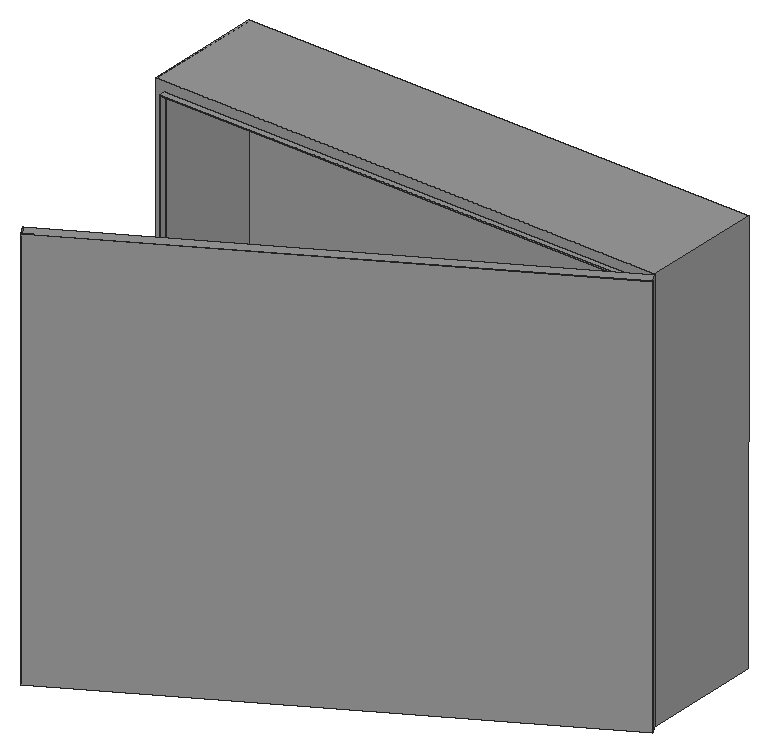
Revit family "Hager-Univers-IP54-D205-H650-Cl.I-Encl-NoHosted-DE-de", category Equipement électrique, Revit 2020
Family settings
  Configuration du panneau = Deux colonnes, circuits au sein
  Cote de connecteur circulaire = Utiliser le diamètre
  Type d'élément = Tableau de raccordement
  Basée sur le plan de construction = Oui
  Toujours verticalement = Oui
  Couper avec des vides une fois chargée = Non
  Partagée = Non
  Point de calcul de pièce = Non
Parameters (values of type "Aufputz IP54 B800 H650 T205  - FP43TW2")
  Width Control [instance] = if([EF000008 - Breite] > Min Width, [EF000008 - Breite], Min Width)  # 800 mm
  Commentaires du type = [HG000003 - Bereich]  # "Univers"
  Thickness Door [instance] = if([EF009171 - Materialstärke Tür/Deckel] > 3 mm, 3 mm, [EF009171 - Materialstärke Tür/Deckel])  # 1 mm
  Seal Frame Offset [instance] = 17 mm  # constant formula
  Plinth Visibility [instance] = [HG000027 - Sockelhöhe] > 0 mm  # no
  Min Width [instance] = 100 mm  # constant formula
  Min Depth [instance] = (2 * [EF009170 - Materialstärke Gehäuse]) + 1 mm  # 3 mm
  Min Height [instance] = 100 mm  # constant formula
  Internal Frame Depth [instance] = (Door System Depth * 0.5)  # 9 mm
  Panel Name [instance] = ""  # (empty or 0)
  Model = ""
  HG000027 - Sockelhöhe = 0 mm
  HG000026 - Stehend auf dem Boden = no
  HG000024 - Höhe des unteren Teils = 600 mm
  HG000023 - Gehäuse mit doppeltem Querschnitt = no
  HG000016 - 3D-Türsichtbarkeit [instance] = yes
  HG000015 - Sichtbarkeit der Türöffnung [instance] = no
  HG000014 - Tür rechts [instance] = yes
  HG000013 - Tür links [instance] = not([HG000014 - Tür rechts])  # no
  HG000012 - Türschwenkwinkel [instance] = 30.00°
  HG000010 - Asymmetrische Türen = no
  HG000009 - Doppelflügeligen Tür = no
  HG000006 - Unterputz = no
  HG000004 - Herstellerreferenz = "FP43TW2"
  HG000003 - Bereich = "Univers"
  HG000002 - Mit tür = yes
  Frame Offset Bottom [instance] = 10 mm  # constant formula
  Frame Offset [instance] = 15 mm  # constant formula
  EF015940 - Deckel mit Überdruckentlastung = no
  EF011959 - Schutzart (NEMA) = ""
  EF009554 - Anzahl der Öffnungen für Flanschplatten = 6
  EF009212 - Ausführung Deckel = "EV000116 - geschlossen"
  EF009171 - Materialstärke Tür/Deckel = 1 mm
  EF009170 - Materialstärke Gehäuse = 1 mm
  EF008873 - Nennstrom (In) = 250 A
  EF007800 - Geeignet für Blitzschutz = no
  EF006306 - Mit Schloss = no
  EF006244 - Transparenter Deckel/Tür = no
  EF005474 - Schutzart (IP) = "EV006419 - IP54"
  EF004464 - Art der Tür = "EV002646 - Einzel"
  EF004427 - Anzahl der Module = 144
  EF004293 - Schlagfestigkeit = "EV006815 - IK09"
  EF003532 - Geeignet für Außengebrauch = no
  EF002950 - Breite in Teilungseinheiten = 36
  EF001613 - Funktionserhalt = "EV000494 - ohne"
  EF001596 - Werkstoff des Gehäuses = "EV000179 - Stahl"
  EF001131 - Innentiefe = 205 mm
  EF001088 - Anbaumöglichkeit = yes
  EF000437 - Anzahl der Leitungseinführungen = 6
  EF000339 - Art der Abdeckung = "EV001012 - Deckel"
  EF000266 - Anzahl der Reihen = 4
  EF000218 - Einbautiefe = 205 mm
  EF000118 - Mit Montageplatte = no
  EF000116 - RAL-Nummer = "9010"
  EF000049 - Tiefe = 205 mm
  EF000040 - Höhe = 650 mm
  EF000008 - Breite = 800 mm
  EF000007 - Farbe = "EV000202 - weiß"
  EF000003 - Montageart = "EV000384 - Aufputz"
  Door System Leaf Tolerance [instance] = 1.5 mm  # constant formula
  Door System Depth [instance] = 18 mm  # constant formula
  Door Height [instance] = Height Control - [HG000027 - Sockelhöhe]  # 650 mm
  Description = ""
  Default Elevation = 1219.2 mm
  Connector Offset [instance] = Height Control / 2  # 325 mm
  Fabricant = "Hager"  # constant formula
  Height Control [instance] = if([EF000040 - Höhe] > Min Height, [EF000040 - Höhe], Min Height)  # 650 mm
  Depth Control [instance] = if([EF000049 - Tiefe] > Min Depth, [EF000049 - Tiefe], Min Depth)  # 205 mm
  Bottom Top Plate Trim [instance] = 1.5 mm  # constant formula
  Plinth height Ctrl [instance] = if([HG000027 - Sockelhöhe] > 0 mm, [HG000027 - Sockelhöhe], 12 mm)  # 12 mm
Types (8, lengths in mm): name | Width Control | HG000009 - Doppelflügeligen Tür | HG000004 - Herstellerreferenz | EF009554 - Anzahl der Öffnungen für Flanschplatten | EF004464 - Art der Tür | EF004427 - Anzahl der Module | EF002950 - Breite in Teilungseinheiten | EF000437 - Anzahl der Leitungseinführungen | EF000008 - Breite
  Aufputz IP54 B1300 H650 T205  - FP45TW | 1300 | yes | "FP45TW" | 10 | "EV003602 - Doppel" | 240 | 60 | 10 | 1300
  Aufputz IP54 B1300 H650 T205  - FP45TW2 | 1300 | no | "FP45TW2" | 10 | "EV003602 - Doppel" | 240 | 60 | 10 | 1300
  Aufputz IP54 B300 H650 T205  - FP41TW | 300 | no | "FP41TW" | 2 | "EV002646 - Einzel" | 48 | 12 | 2 | 300
  Aufputz IP54 B300 H650 T205  - FP41TW2 | 300 | no | "FP41TW2" | 2 | "EV002646 - Einzel" | 48 | 12 | 2 | 300
  Aufputz IP54 B550 H650 T205  - FP42TW | 550 | no | "FP42TW" | 4 | "EV002646 - Einzel" | 96 | 24 | 4 | 550
  Aufputz IP54 B550 H650 T205  - FP42TW2 | 550 | no | "FP42TW2" | 4 | "EV002646 - Einzel" | 96 | 24 | 4 | 550
  Aufputz IP54 B800 H650 T205  - FP43TW | 800 | no | "FP43TW" | 6 | "EV002646 - Einzel" | 144 | 36 | 6 | 800
  Aufputz IP54 B800 H650 T205  - FP43TW2 | 800 | no | "FP43TW2" | 6 | "EV002646 - Einzel" | 144 | 36 | 6 | 800
Reference planes
  plane 1 "Center (Front/Back)": y = 0
  plane 2: z = 0
  plane 3 "Center (Left/Right)": x = 0
  plane 4: y = 0
  plane 5: y = 0
  plane 6: z = 0
  plane 7: x = -400
  plane 8: x = 400
  plane 9: x = 399
  plane 10: x = -399
  plane 11: z = 0
  plane 12: z = 1
  plane 13: y = -205
  plane 14: y = -1
  plane 15: x = 0
  plane 16: y = -187
  plane 17: y = -204
  plane 18: y = -186
  plane 19: x = -384
  plane 20: x = 384
  plane 21: z = 11
  plane 22: x = -383
  plane 23: x = 383
  plane 24: z = 0
  plane 25: z = 650
  plane 26: z = 650
  plane 27: z = 634
  plane 28: z = 649
Forms (mm)
  Extrusion 1, solid, material "Hager_Steel_RAL7035_Light_Grey", detail levels medium+fine
    sketch origin (-208.679, -4572, 0) x (-1, 0, 0) y (0, -1, 0)
      loop
        line (191.321, -4385) -> (-608.679, -4385) -> (-608.679, -4572) -> (191.321, -4572) -> (191.321, -4385)
    from 0 to 650
  Extrusion 2, void
    sketch origin (-350.771, -205, 1219.2) x (1, 0, 0) y (0, 0, 1)
      loop
        line (-48.229, -570.2) -> (-48.229, -1218.2) -> (749.771, -1218.2) -> (749.771, -570.2) -> (-48.229, -570.2)
    from -19 to -204
  Extrusion 3, void
    sketch origin (-290.084, -187, 1219.2) x (1, 0, 0) y (0, 0, 1)
      loop
        line (-93.916, -1208.2) -> (674.084, -1208.2) -> (674.084, -585.2) -> (-93.916, -585.2) -> (-93.916, -1208.2)
    from 0 to -1
  Extrusion 4, solid, material "Hager_Steel_RAL7035_Light_Grey", visible <- "Plinth Visibility", detail levels medium+fine
    sketch origin (0, 0, 0) x (1, 0, 0) y (0, 1, 0)
      loop
        line (-400, 0) -> (-400, -187) -> (400, -187) -> (400, 0) -> (-400, 0)
    from 0 to 12 <- "Plinth height Ctrl"
  Extrusion 5, solid, material "Hager_Steel_RAL7035_Light_Grey", detail levels coarse
    sketch origin (0, 0, 0) x (1, 0, 0) y (0, 1, 0)
      loop
        line (-400, 0) -> (-400, -205) -> (400, -205) -> (400, 0) -> (-400, 0)
    from 0 to 650 <- "Height Control"
  Sweep 6, void
    path in 3D
      loop
        line (-400, -187, 12) -> (400, -187, 12) -> (400, 0, 12) -> (-400, 0, 12) -> (-400, -187, 12)
    profile origin (-400, -93.5, 12) x (1, 0, 0) y (0, 0, 1)
      loop
        line (0, 0) -> (0, -1.5) -> (1.5, -1.5)
        arc (1.5, -1.5) -> (1.061, -0.439) -> (0, 0) r 1.5
  Extrusion 7, solid, material "Hager_Steel_RAL7035_Light_Grey", detail levels fine
    sketch origin (-400, -187, 0) x (1, 0, 0) y (0, 0, 1)
      loop
        line (16, 11) -> (784, 11) -> (784, 634) -> (16, 634) -> (16, 11)
      loop
        line (15, 10) -> (785, 10) -> (785, 635) -> (15, 635) -> (15, 10)
    from 0 to 9 <- "Internal Frame Depth"
Cuts and joins
  Extrusion 2, Extrusion 3 cuts Extrusion 1
  Sweep 6 cuts Extrusion 4
Lines and regions (mm)
  Masking region 1
    outline origin (0, 0, 0) x (1, 0, 0) y (0, 1, 0)
      loop
        line (-400, 0) -> (-400, -205) -> (400, -205) -> (400, 0) -> (-400, 0)
  Masking region 2, detail levels coarse
    outline origin (-290.084, -187, 1219.2) x (-1, 0, 0) y (0, 0, 1)
      loop
        line (-690.084, -1219.2) -> (109.916, -1219.2) -> (109.916, -569.2) -> (-690.084, -569.2) -> (-690.084, -1219.2)
  Masking region 3, detail levels coarse
    outline origin (0, 0, 0) x (0, 1, 0) y (0, 0, 1)
      loop
        line (0, 0) -> (0, 650) -> (-205, 650) -> (-205, 0) -> (0, 0)
  Masking region 4, visible <- "Plinth Visibility", detail levels medium+fine
    outline origin (0, 0, 0) x (0, 1, 0) y (0, 0, 1)
      loop
        line (-1.5, 12) -> (-185.5, 12)
        arc (-185.5, 12) -> (-185.939, 10.939) -> (-187, 10.5) r 1.5
        line (-187, 10.5) -> (-187, 0) -> (0, 0) -> (0, 10.5)
        arc (0, 10.5) -> (-1.061, 10.939) -> (-1.5, 12) r 1.5
  Masking region 5, detail levels medium+fine
    outline origin (0, 0, 594.038) x (0, 1, 0) y (0, 0, 1)
      loop
        line (0, -594.038) -> (0, 55.962) -> (-187, 55.962) -> (-187, -594.038) -> (0, -594.038)
  Masking region 6, detail levels medium+fine
    outline origin (-359.7, -187, 1211.883) x (-1, 0, 0) y (0, 0, 1)
      loop
        line (-759.7, -1211.883) -> (40.3, -1211.883) -> (40.3, -561.883) -> (-759.7, -561.883) -> (-759.7, -1211.883)
  Masking region 7, visible <- "Plinth Visibility", detail levels medium+fine
    outline origin (-320.334, -187, 1041.368) x (-1, 0, 0) y (0, 0, 1)
      loop
        line (-720.334, -1041.368) -> (79.666, -1041.368) -> (79.666, -1030.868)
        arc (79.666, -1030.868) -> (78.606, -1030.429) -> (78.166, -1029.368) r 1.5
        line (78.166, -1029.368) -> (-718.834, -1029.368)
        arc (-718.834, -1029.368) -> (-719.273, -1030.429) -> (-720.334, -1030.868) r 1.5
        line (-720.334, -1030.868) -> (-720.334, -1041.368)
  sketch lines
    curve 1: line (-400, 0, 12) -> (-400, -187, 12)
    curve 2: line (-400, -187, 12) -> (400, -187, 12)
    curve 3: line (400, 0, 12) -> (-400, 0, 12)
    curve 4: line (400, -187, 12) -> (400, 0, 12)
Dimensions and locks
  locked: plane 1 "Center (Front/Back)" to plane 5
  "EF009170 - Materialstärke Gehäuse": plane 7 to plane 10
  "EF009170 - Materialstärke Gehäuse": plane 8 to plane 9
  equal spacing: plane 7, plane 3 "Center (Left/Right)", plane 8
  "Width Control": plane 7 to plane 8
  "Depth Control": plane 4 to plane 13
  "EF009170 - Materialstärke Gehäuse": plane 4 to plane 14
  "Height Control": plane 25 to level
  "HG000027 - Sockelhöhe": plane 11 to level
  "EF009170 - Materialstärke Gehäuse": plane 12 to plane 11
  "EF009170 - Materialstärke Gehäuse": plane 17 to plane 13
  "EF009170 - Materialstärke Gehäuse": plane 18 to plane 16
  "Frame Offset Bottom": plane 21 to plane 12
  "Frame Offset": plane 10 to plane 19
  "Frame Offset": plane 9 to plane 20
  "Door System Depth": plane 16 to plane 13
  "Seal Frame Offset": plane 7 to plane 22
  "Seal Frame Offset": plane 8 to plane 23
  "EF009170 - Materialstärke Gehäuse": plane 26 to plane 28
  "Frame Offset": plane 28 to plane 27
  "Connector Offset": plane 2 to connector elem
  "Bottom Top Plate Trim": profile plane to Sweep 6 sketch curve
  "Bottom Top Plate Trim": Sweep 6 sketch curve to Sweep 6 sketch curve
  "Plinth height Ctrl": Masking region 4 sketch curve to level
  "Plinth height Ctrl": Masking region 7 sketch curve to level
  "Thickness Door": Extrusion 7 sketch curve to Extrusion 7 sketch curve  (x4)
  "Bottom Top Plate Trim": radius of Sweep 6 sketch curve
  "Bottom Top Plate Trim": radius of Masking region 4 sketch curve  (x2)
  "Bottom Top Plate Trim": radius of Masking region 7 sketch curve  (x2)
  aligned and locked: Extrusion 2 sketch curve to plane 12
  aligned and locked: Extrusion 2 sketch curve to plane 9
  aligned and locked: Extrusion 2 sketch curve to plane 10
  aligned and locked: Extrusion 2 to plane 14
  aligned and locked: Extrusion 1 sketch curve to plane 4
  aligned and locked: plane 8 to Extrusion 1 sketch curve
  aligned and locked: plane 7 to Extrusion 1 sketch curve
  aligned and locked: Extrusion 2 to plane 18
  aligned and locked: Extrusion 3 sketch curve to plane 19
  aligned and locked: plane 20 to Extrusion 3 sketch curve
  aligned and locked: Extrusion 3 to Extrusion 2
  aligned and locked: Extrusion 3 sketch curve to plane 21
  aligned and locked: plane 3 "Center (Left/Right)" to nested 1
  aligned and locked: Extrusion 1 sketch curve to plane 16
  aligned and locked: Extrusion 4 sketch curve to cut or joined group of Extrusion 1, Extrusion 2, Extrusion 3
  aligned and locked: Masking region 1 sketch curve to plane 7
  aligned and locked: Masking region 1 sketch curve to plane 5
  aligned and locked: Masking region 1 sketch curve to plane 8
  aligned and locked: Masking region 2 sketch curve to level
  aligned and locked: level to Masking region 3 sketch curve
  aligned and locked: plane 1 "Center (Front/Back)" to Masking region 3 sketch curve
  aligned and locked: plane 13 to Masking region 3 sketch curve
  aligned and locked: plane 5 to Masking region 4 sketch curve
  aligned and locked: Masking region 2 sketch curve to plane 8
  aligned and locked: Masking region 2 sketch curve to plane 7
  aligned and locked: plane 7 to nested 2
  aligned and locked: nested 2 to plane 5
  aligned and locked: plane 5 to Masking region 5 sketch curve
  aligned and locked: plane 26 to Masking region 5 sketch curve
  aligned and locked: Extrusion 5 sketch curve to plane 8
  aligned and locked: Extrusion 5 sketch curve to plane 7
  aligned and locked: Extrusion 5 sketch curve to plane 5
  aligned and locked: Extrusion 3 sketch curve to plane 27
  aligned and locked: Extrusion 2 sketch curve to plane 28
  aligned and locked: Masking region 2 to plane 25
  aligned and locked: Extrusion 4 to plane 16
  aligned and locked: profile plane to Sweep 6 sketch curve
  aligned and locked: Masking region 5 sketch curve to plane 24
  aligned and locked: level to Masking region 4 sketch curve
  aligned and locked: Masking region 1 to plane 13
  aligned and locked: nested 1 to plane 16
  aligned and locked: Masking region 3 to plane 25
  aligned and locked: plane 16 to Masking region 4 sketch curve
  aligned and locked: Masking region 5 sketch curve to plane 16
  aligned and locked: plane 24 to plane 11
  aligned and locked: plane 26 to plane 25
  aligned and locked: plane 26 to cut or joined group of Extrusion 1, Extrusion 2, Extrusion 3
  aligned and locked: nested 1 to plane 24
  aligned and locked: Extrusion 1 to Extrusion 3
  aligned and locked: Masking region 6 sketch curve to plane 8
  aligned and locked: Masking region 6 sketch curve to plane 24
  aligned and locked: Masking region 6 sketch curve to plane 7
  aligned and locked: Masking region 6 sketch curve to plane 26
  aligned and locked: Masking region 7 sketch curve to plane 7
  aligned and locked: level to Masking region 7 sketch curve
  aligned and locked: Masking region 7 sketch curve to plane 8
  aligned and locked: Extrusion 7 sketch curve to cut or joined group of Extrusion 1, Extrusion 2, Extrusion 3  (x4)
Automatic sketch dimensions
  plane 19 to Extrusion 3 sketch curve = 0 mm
  Extrusion 3 sketch curve to plane 20 = 0 mm
  Extrusion 3 sketch curve to plane 21 = 0 mm
  Extrusion 4 sketch curve to plane 7 = 0 mm
  Extrusion 4 sketch curve to plane 8 = 0 mm
  Extrusion 4 sketch curve to plane 16 = 0 mm
  Masking region 1 sketch curve to plane 13 = 0 mm
  Masking region 2 sketch curve to plane 25 = 0 mm
  Masking region 3 sketch curve to plane 25 = 0 mm
  Extrusion 5 sketch curve to plane 13 = 0 mm
  profile plane to Sweep 6 sketch curve = 0 mm
Nested families
  nested 1: "EC000058_Univers_Door" at (0, -187, 0), Double <- "HG000009 - Doppelflügeligen Tür", Transparent <- "EF006244 - Transparenter Deckel/Tür", Angle <- "HG000012 - Türschwenkwinkel", Door_Right <- "HG000014 - Tür rechts", Assymetrical <- "HG000010 - Asymmetrische Türen", Door <- "HG000002 - Mit tür", Width_Ctrl <- "Width Control", 3d_Door <- "HG000016 - 3D-Türsichtbarkeit", Clearance <- "HG000015 - Sichtbarkeit der Türöffnung", Door_Left <- "HG000013 - Tür links", Width <- "Width Control", Door_Depth <- "Door System Depth", Leaf_Tolerance <- "Door System Leaf Tolerance", Height <- "Door Height", Lock_Visibility <- "EF006306 - Mit Schloss", Thickness <- "Thickness Door", type "EC000058_Univers_Door", detail levels medium+fine
    with min_wh 3 mm, Width_Ctrl 800 mm, Width 800 mm, Transparent no, Thickness 1 mm, Seal_Material Hager_Rubber, Lock_Visibility no, Lock_Material Hager_Plastic_RAL9005_Jet_Black, Leaf_Width 800 mm, Leaf_Tolerance_External_Sides 0 mm, Leaf_Tolerance 1.5 mm, Leaf_Offset 0 mm, Leaf_Height 647 mm, Leaf_2_Width 800 mm, Leaf_2_Offset 400 mm, Leaf_1_Width 800 mm, Leaf_1_Offset 400 mm, Height_Ctrl 650 mm, Height 650 mm, Glass_Material Hager_Glass, Double_Clearance_Ctrl no, Double no, Door_Right_Ctrl yes, Door_Right yes, Door_Material Hager_Steel_RAL7035_Light_Grey, Door_Left_Ctrl no, Door_Left no, Door_Depth 18 mm, Door yes, Clearance_Material Hager_Clearance, Clearance_Depth 800 mm, Clearance_Ctrl no, Clearance no, Assymetrical no, Angle 30.00°, 3d_Door yes
  nested 2: "Hager_Enclosure_Symbol" at (-400, 0, 0), Height <- "Depth Control", Width <- "Width Control", type "Hager_Enclosure_Symbol"
    with Width_Ctrl 800 mm, Width 800 mm, Height_Ctrl 205 mm, Height 205 mm, A_Width_Int 13.453 mm, A_Width 161.438 mm, A_Height_Ctrl 179.375 mm, A_Height 179.375 mm
Connectors
  electrical at (0, 0, 325)
    settings: on plane 1 "Center (Front/Back)", index 1, voltage 0 V, apparent load 0 VA, apparent load phase1 0 VA, apparent load phase2 0 VA, apparent load phase3 0 VA, power factor 1, load classification "Other", number of poles 1, system type 30, power factor state 1, is connector primary yes, connector utility no, sub classification motor no, connector description ""
Definition of nested family "EC000058_Univers_Door"
  Parameters (values of type "EC000058_Univers_Door")
    min_wh [instance] = (2 * Thickness) + 1 mm  # 11 mm
    Width_Ctrl [instance] = 400 mm
    Width [instance] = 500 mm
    Transparent [instance] = yes
    Thickness [instance] = 5 mm
    Seal_Material [instance] = none
    Lock_Visibility [instance] = yes
    Lock_Material [instance] = none
    Leaf_Width [instance] = if((Width_Ctrl - 2 * Leaf_Tolerance_External_Sides) > 0 mm, (Width_Ctrl - 2 * Leaf_Tolerance_External_Sides), min_wh)  # 400 mm
    Leaf_Tolerance_External_Sides [instance] = 0 mm  # constant formula
    Leaf_Tolerance [instance] = 1.5 mm
    Leaf_Offset [instance] = 0 mm  # constant formula
    Leaf_Height [instance] = if((Height_Ctrl - 2 * Leaf_Tolerance) > 0 mm, (Height_Ctrl - 2 * Leaf_Tolerance), min_wh)  # 497 mm
    Leaf_2_Width [instance] = if(and(and(Double, Assymetrical), Door_Left), (Leaf_Width / 3) - (Leaf_Tolerance / 2), if(and(and(Double, Assymetrical), Door_Right), (Leaf_Width / 3) * 2 - (Leaf_Tolerance / 2), if(and(Double, not(Assymetrical)), (Leaf_Width / 2) - Leaf_Tolerance, Leaf_Width)))  # 400 mm
    Leaf_2_Offset [instance] = if(and(Double, Assymetrical), Leaf_2_Width / 2, if(and(Double, not(Assymetrical)), Leaf_Width / 4, Leaf_Width / 2))  # 200 mm
    Leaf_1_Width [instance] = if(and(and(Double, Assymetrical), Door_Right), (Leaf_Width / 3) - (Leaf_Tolerance / 2), if(and(and(Double, Assymetrical), Door_Left), (Width / 3) * 2 - (Leaf_Tolerance / 2), if(and(Double, not(Assymetrical)), (Leaf_Width / 2) - Leaf_Tolerance, Leaf_Width)))  # 400 mm
    Leaf_1_Offset [instance] = if(and(Double, Assymetrical), Leaf_1_Width / 2, if(and(Double, not(Assymetrical)), Leaf_Width / 4, Leaf_Width / 2))  # 200 mm
    Height_Ctrl [instance] = if(Height > min_wh, Height, min_wh)  # 500 mm
    Height [instance] = 500 mm
    Glass_Material [instance] = none
    Double_Clearance_Ctrl [instance] = and(Double, Clearance)  # no
    Double [instance] = no
    Door_Right_Ctrl [instance] = and(or(Door_Right, Double), Door)  # yes
    Door_Right [instance] = yes
    Door_Material [instance] = none
    Door_Left_Ctrl [instance] = and(or(Door_Left, Double), Door)  # no
    Door_Left [instance] = no
    Door_Depth [instance] = 30 mm
    Door [instance] = yes
    Default Elevation = 1219.2 mm
    Clearance_Material [instance] = none
    Clearance_Depth [instance] = if(Leaf_1_Width > Leaf_2_Width, Leaf_1_Width, Leaf_2_Width)  # 400 mm
    Clearance_Ctrl [instance] = and(not(Double), Clearance)  # yes
    Clearance [instance] = yes
    Assymetrical [instance] = yes
    Angle [instance] = 30.00°
    3d_Door [instance] = yes
  Reference planes
    plane 1 "Center (Front/Back)": y = 0
    plane 2 "Bottom": z = 0
    plane 3 "Center (Left/Right)": x = 0
    plane 4: z = 500
    plane 5: x = -200
    plane 6: x = 200
    plane 7: z = 500
    plane 8: x = -200
    plane 9: z = 0
    plane 10: x = 200
    plane 11: y = 0
    plane 12: z = 1.5
    plane 13: x = -600
    plane 14: y = -400
    plane 15: x = 600
    plane 16: x = 0
    plane 17: x = 0
    plane 18: x = -200
    plane 19: x = 200
    plane 20: z = 498.5
  Forms (mm)
    Extrusion 1, solid, material <- "Clearance_Material", visible <- "Double_Clearance_Ctrl"
      sketch origin (1200, 0, 0) x (1, 0, 0) y (0, 0, -1)
        loop
          line (-1800, -498.5) -> (-600, -498.5) -> (-600, 0) -> (-1800, 0) -> (-1800, -498.5)
      from 0 to -400
  Dimensions and locks
    equal spacing: plane 5, plane 3 "Center (Left/Right)", plane 6
    "Width_Ctrl": plane 5 to plane 6
    "Leaf_Offset": plane 5 to plane 8
    "Leaf_Offset": plane 6 to plane 10
    "Leaf_Offset": plane 9 to level
    "Leaf_Offset": plane 4 to plane 7
    "Height_Ctrl": plane 4 to level
    "Leaf_Tolerance": plane 12 to plane 9
    locked: plane 11 to plane 1 "Center (Front/Back)"
    "Leaf_1_Offset": plane 18 to plane 16
    "Leaf_2_Offset": plane 17 to plane 19
    "Leaf_1_Width": plane 13 to plane 8
    "Leaf_2_Width": plane 10 to plane 15
    "Clearance_Depth": plane 14 to plane 1 "Center (Front/Back)"
    "Leaf_Tolerance_External_Sides": plane 8 to plane 18
    "Leaf_Tolerance_External_Sides": plane 19 to plane 10
    "Leaf_Tolerance": plane 7 to plane 20
    aligned and locked: level to plane 2 "Bottom"
    aligned and locked: nested 1 to plane 16
    aligned and locked: nested 2 to plane 17
    aligned and locked: Extrusion 1 to plane 13
    aligned and locked: plane 15 to Extrusion 1
    aligned and locked: Extrusion 1 to plane 14
    aligned and locked: plane 12 to nested 1
    aligned and locked: nested 2 to plane 12
    aligned and locked: Extrusion 1 to plane 11
    aligned and locked: plane 20 to Extrusion 1
    aligned and locked: nested 2 to plane 11
    aligned and locked: nested 1 to plane 11
  Automatic sketch dimensions
    Extrusion 1 sketch curve to level = 0 mm
    plane 5 to Extrusion 1 sketch curve = 400 mm
    plane 6 to Extrusion 1 sketch curve = 400 mm
    Extrusion 1 sketch curve to plane 4 = 1.5 mm
  Nested families
    nested 1: "EC000058_Univers_Door_Leaf" at (0, 0, 1.5), Width <- "Leaf_1_Width", visible <- "Door_Left_Ctrl", Leaf_Height <- "Leaf_Height", Angle <- "Angle", 3d_Door <- "3d_Door", Transparent <- "Transparent", Clearance Material <- "Clearance_Material", Clearance <- "Clearance_Ctrl", Door_Material <- "Door_Material", Glass_Material <- "Glass_Material", Door_Depth <- "Door_Depth", Lock_Material <- "Lock_Material", Seal_Material <- "Seal_Material", Lock_Visibility <- "Lock_Visibility", Thickness <- "Thickness", type "EC000058_Univers_Door_Leaf"
      with Width 400 mm, Transparent_Glass_Offset 30 mm, Transparent_Ctrl yes, Transparent yes, Thickness 5 mm, Standard no, Seal_Material none, Seal_D2 8 mm, Seal_D1 1 mm, Offset_Internal_Frame 10 mm, Lock_Width 20 mm, Lock_Visibility_3d yes, Lock_Visibility yes, Lock_Thickness_3 3 mm, Lock_Thickness_2 1 mm, Lock_Thickness_1 3 mm, Lock_Radius_Offset_2 16 mm, Lock_Radius_Offset_1 15 mm, Lock_Radius_2 5 mm, Lock_Radius 6 mm, Lock_Offset 5 mm, Lock_Material none, Lock_Height 80 mm, Lock_Cover_Top_Offset_2d 17 mm, Lock_Cover_Height -65 mm, Leaf_Height 497 mm, Internal_Seal_Thickness 8 mm, Internal_Seal_Depth_2 4.5 mm, Internal_Frame_Depth 25 mm, Glass_Thickness -1 mm, Glass_Offset -2 mm, Glass_Material none, Door_Material none, Door_Depth 30 mm, Clearance Material none, Clearance yes, Angle_Ctrl 30.00°, Angle 30.00°, 3d_Door yes
    nested 2: "EC000058_Univers_Door_Leaf" at (0, 0, 1.5) x (-1, 0, 0) z (0, 0, 1), Width <- "Leaf_2_Width", visible <- "Door_Right_Ctrl", Leaf_Height <- "Leaf_Height", Angle <- "Angle", 3d_Door <- "3d_Door", Transparent <- "Transparent", Clearance Material <- "Clearance_Material", Clearance <- "Clearance_Ctrl", Door_Material <- "Door_Material", Glass_Material <- "Glass_Material", Door_Depth <- "Door_Depth", Lock_Material <- "Lock_Material", Seal_Material <- "Seal_Material", Lock_Visibility <- "Lock_Visibility", Thickness <- "Thickness", type "EC000058_Univers_Door_Leaf"
      with Width 400 mm, Transparent_Glass_Offset 30 mm, Transparent_Ctrl yes, Transparent yes, Thickness 5 mm, Standard no, Seal_Material none, Seal_D2 8 mm, Seal_D1 1 mm, Offset_Internal_Frame 10 mm, Lock_Width 20 mm, Lock_Visibility_3d yes, Lock_Visibility yes, Lock_Thickness_3 3 mm, Lock_Thickness_2 1 mm, Lock_Thickness_1 3 mm, Lock_Radius_Offset_2 16 mm, Lock_Radius_Offset_1 15 mm, Lock_Radius_2 5 mm, Lock_Radius 6 mm, Lock_Offset 5 mm, Lock_Material none, Lock_Height 80 mm, Lock_Cover_Top_Offset_2d 17 mm, Lock_Cover_Height -65 mm, Leaf_Height 497 mm, Internal_Seal_Thickness 8 mm, Internal_Seal_Depth_2 4.5 mm, Internal_Frame_Depth 25 mm, Glass_Thickness -1 mm, Glass_Offset -2 mm, Glass_Material none, Door_Material none, Door_Depth 30 mm, Clearance Material none, Clearance yes, Angle_Ctrl 30.00°, Angle 30.00°, 3d_Door yes
  Definition of nested family "EC000058_Univers_Door_Leaf"
    Parameters (values of type "EC000058_Univers_Door_Leaf")
      Width [instance] = 2000 mm
      Transparent_Glass_Offset [instance] = 30 mm
      Transparent_Ctrl [instance] = and(Transparent, [3d_Door])  # yes
      Transparent [instance] = yes
      Thickness [instance] = 5 mm
      Standard [instance] = and(not(Transparent), [3d_Door])  # no
      Seal_Material [instance] = none
      Seal_D2 [instance] = 8 mm  # constant formula
      Seal_D1 [instance] = 1 mm  # constant formula
      Offset_Internal_Frame [instance] = 10 mm  # constant formula
      Lock_Width [instance] = 20 mm  # constant formula
      Lock_Visibility_3d [instance] = and(Lock_Visibility, [3d_Door])  # yes
      Lock_Visibility [instance] = yes
      Lock_Thickness_3 [instance] = 3 mm  # constant formula
      Lock_Thickness_2 [instance] = 1 mm  # constant formula
      Lock_Thickness_1 [instance] = 3 mm  # constant formula
      Lock_Radius_Offset_2 [instance] = Lock_Radius_Offset_1 + 1 mm  # 16 mm
      Lock_Radius_Offset_1 [instance] = 15 mm  # constant formula
      Lock_Radius_2 [instance] = Lock_Radius - 1 mm  # 5 mm
      Lock_Radius [instance] = 6 mm  # constant formula
      Lock_Offset [instance] = 5 mm  # constant formula
      Lock_Material [instance] = none
      Lock_Height [instance] = 80 mm  # constant formula
      Lock_Cover_Top_Offset_2d [instance] = Lock_Radius_Offset_2 + 1 mm  # 17 mm
      Lock_Cover_Height [instance] = -(Lock_Height - Lock_Radius_Offset_1)  # -65 mm
      Leaf_Height [instance] = 2720.336 mm
      Internal_Seal_Thickness [instance] = 8 mm  # constant formula
      Internal_Seal_Depth_2 [instance] = 4.5 mm  # constant formula
      Internal_Frame_Depth [instance] = if(Door_Depth - Thickness > 5 mm, Door_Depth - Thickness, 5 mm)  # 25 mm
      Glass_Thickness [instance] = if(Thickness > 15 mm, Glass_Offset + 10 mm, -1 mm)  # -1 mm
      Glass_Offset [instance] = if(Thickness > 15 mm, -(Thickness + 10 mm) / 2, -2 mm)  # -2 mm
      Glass_Material [instance] = none
      Door_Material [instance] = none
      Door_Depth [instance] = 30 mm
      Default Elevation = 0 mm
      Clearance Material [instance] = none
      Clearance [instance] = yes
      Angle_Ctrl [instance] = if(Angle > 180.00°, 180.00°, Angle)  # 90.00°
      Angle [instance] = 90.00°
      3d_Door [instance] = yes
    Reference planes
      plane 1 "Center (Front/Back)": y = 0
      plane 2: z = 0
      plane 3 "Center (Left/Right)": x = 0
      plane 4: y = 2000
      plane 5: x = -1000
      plane 6: x = 1000
      plane 7: x = -3000
      plane 8: z = 2720.336
      plane 9: z = 30
      plane 10: z = 2690.336
      plane 11: x = 970
      plane 12: x = -970
      plane 13: y = -3
      plane 14: z = 107.833
      plane 15: y = -5
      plane 16: y = -223.314
      plane 17: x = -1000
      plane 18: z = 1360.168
      plane 19: y = 30
    Forms (mm)
      Extrusion 1, solid, material <- "Clearance Material", visible <- "Clearance"
        sketch origin (0, 0, 0) x (1, 0, 0) y (0, 0, 1)
          loop
            line (-3000, 2720.336) -> (-3000, 0) -> (1000, 0) -> (1000, 2720.336) -> (-3000, 2720.336)
        from 0 to -2000
      Extrusion 2, solid, material <- "Door_Material", visible <- "Standard", detail levels medium+fine
        sketch origin (-1000, 0, 0) x (0, 1, 0) y (-1, 0, 0)
          loop
            line (0, 30) -> (0, 25) -> (2000, 25) -> (2000, 30) -> (0, 30)
        from 0 to 2720.336 <- "Leaf_Height"
      Extrusion 3, solid, material <- "Door_Material", visible <- "Transparent_Ctrl", detail levels medium+fine
        sketch origin (-1000, 0, 0) x (0, 1, 0) y (-1, 0, 0)
          loop
            line (0, 25) -> (2000, 25) -> (2000, 30) -> (0, 30) -> (0, 25)
        from 0 to 2720.336 <- "Leaf_Height"
      Extrusion 4, void
        sketch origin (-1025, 2000, 0) x (0, 1, 0) y (0, 0, -1)
          loop
            line (-30, -2690.336) -> (-30, -30) -> (-1970, -30) -> (-1970, -2690.336) -> (-30, -2690.336)
        from 0 to 5 <- "Thickness"
      Sweep 5, solid, material <- "Seal_Material", visible <- "Transparent_Ctrl", detail levels fine
        path in 3D
          loop
            line (-1025, 30, 30) -> (-1025, 30, 2690.336) -> (-1025, 1970, 2690.336) -> (-1025, 1970, 30) -> (-1025, 30, 30)
        profile origin (-1025, 1000, 30) x (1, 0, 0) y (0, 0, 1)
          loop
            line (0, 0) -> (0, -8) -> (1, -8) -> (1, 0) -> (0, 0)
      Extrusion 6, solid, material <- "Glass_Material", visible <- "Transparent_Ctrl", detail levels medium+fine
        sketch origin (-1030, 0, 0) x (0, 1, 0) y (0, 0, -1)
          loop
            line (1970, -2690.336) -> (1970, -30) -> (30, -30) -> (30, -2690.336) -> (1970, -2690.336)
        from -2 <- "Glass_Offset" to -1 <- "Glass_Thickness"
      Extrusion 7, solid, material <- "Door_Material", visible <- "3d_Door", detail levels medium+fine
        sketch origin (-1025, 2000, 0) x (0, -1, 0) y (0, 0, -1)
          loop
            line (0, -2720.336) -> (2000, -2720.336) -> (2000, 0) -> (0, 0) -> (0, -2720.336)
          loop
            line (1995, -5) -> (5, -5) -> (5, -2715.336) -> (1995, -2715.336) -> (1995, -5)
        from 0 to 25 <- "Internal_Frame_Depth"
      Sweep 8, solid, material <- "Seal_Material", visible <- "Transparent_Ctrl", detail levels fine
        path in 3D
          loop
            line (-1025, 0, 0) -> (-1025, 2000, 0) -> (-1025, 2000, 2720.336) -> (-1025, 0, 2720.336) -> (-1025, 0, 0)
        profile origin (-1025, 0, 1360.168) x (1, 0, 0) y (0, 1, 0)
          loop
            line (0, 10) -> (2.975, 10)
            arc (2.975, 10) -> (4.053, 10.447) -> (4.5, 11.525) r 1.525
            line (4.5, 11.525) -> (4.5, 16.527)
            arc (4.5, 16.527) -> (4.069, 17.569) -> (3.027, 18) r 1.473
            line (3.027, 18) -> (0, 18) -> (0, 10)
      Extrusion 9, solid, material <- "Lock_Material", visible <- "Lock_Visibility_3d", detail levels fine
        sketch origin (-1030, 0, 0) x (0, 1, 0) y (0, 0, -1)
          loop
            arc (1993.5, -1400.168) -> (1994.561, -1399.729) -> (1995, -1398.668) r 1.5
            line (1995, -1398.668) -> (1995, -1320.168) -> (1975, -1320.168) -> (1975, -1398.668)
            arc (1975, -1398.668) -> (1975.439, -1399.729) -> (1976.5, -1400.168) r 1.5
            line (1976.5, -1400.168) -> (1993.5, -1400.168)
        from 3 <- "Lock_Thickness_1" to 0
      Blend 10, solid, material <- "Lock_Material", visible <- "Lock_Visibility_3d", detail levels fine
        base sketch origin (-1033, 0, 0) x (0, 1, 0) y (0, 0, -1)
          loop
            line (1975, -1320.168) -> (1975, -1398.668)
            arc (1975, -1398.668) -> (1975.439, -1399.729) -> (1976.5, -1400.168) r 1.5
            line (1976.5, -1400.168) -> (1993.5, -1400.168)
            arc (1993.5, -1400.168) -> (1994.561, -1399.729) -> (1995, -1398.668) r 1.5
            line (1995, -1398.668) -> (1995, -1320.168) -> (1975, -1320.168)
        top sketch origin (-1033, 0, 0) x (0, 1, 0) y (0, 0, -1)
          loop
            line (1976, -1320.168) -> (1976, -1398.668)
            arc (1976, -1398.668) -> (1976.146, -1399.022) -> (1976.5, -1399.168) r 0.5
            line (1976.5, -1399.168) -> (1993.5, -1399.168)
            arc (1993.5, -1399.168) -> (1993.854, -1399.022) -> (1994, -1398.668) r 0.5
            line (1994, -1398.668) -> (1994, -1320.168) -> (1976, -1320.168)
        from 0 to 1 <- "Lock_Thickness_2"
      Blend 11, solid, material <- "Lock_Material", visible <- "Lock_Visibility_3d", detail levels fine
        base sketch origin (-1034, 0, 0) x (0, 1, 0) y (0, 0, -1)
          loop
            line (1978, -1320.168) -> (1978, -1384.168)
            arc (1978, -1384.168) -> (1985, -1391.168) -> (1992, -1384.168) r 7
            line (1992, -1384.168) -> (1992, -1320.168) -> (1978, -1320.168)
        top sketch origin (-1034, 0, 0) x (0, 1, 0) y (0, 0, -1)
          loop
            line (1991, -1320.168) -> (1979, -1320.168) -> (1979, -1383.168)
            arc (1979, -1383.168) -> (1985, -1389.168) -> (1991, -1383.168) r 6
            line (1991, -1383.168) -> (1991, -1320.168)
        from 0 to 3 <- "Lock_Thickness_3"
      Extrusion 12, solid, material <- "Lock_Material", visible <- "Lock_Visibility_3d", detail levels fine
        sketch origin (-1030, 1975, 1320.168) x (1, 0, 0) y (0, -1, 0)
          loop
            line (-7, -19) -> (-7, -1) -> (0, -1) -> (0, 0) -> (-8, 0) -> (-8, -20) -> (0, -20) -> (0, -19) -> (-7, -19)
        from 0 to -65 <- "Lock_Cover_Height"
      Extrusion 13, void
        sketch origin (-1038, 1995, 1320.168) x (-1, 0, 0) y (0, 0, -1)
          loop
            line (-5, -65) -> (0, -65) -> (-5, -60) -> (-5, -65)
        from 0 to 20 <- "Lock_Width"
      Extrusion 14, void
        sketch origin (-1038, 1975, 1320.168) x (0, -1, 0) y (0, 0, -1)
          loop
            circle (-10, -15.995) r 6
          loop
            circle (-10, -15.995) r 5
        from 0 to 2
      Extrusion 15, solid, material <- "Lock_Material", visible <- "Lock_Visibility_3d", detail levels medium
        sketch origin (-1030, 0, 0) x (0, 1, 0) y (0, 0, -1)
          loop
            arc (1993.5, -1400.168) -> (1994.561, -1399.729) -> (1995, -1398.668) r 1.5
            line (1995, -1398.668) -> (1995, -1320.168) -> (1975, -1320.168) -> (1975, -1398.668)
            arc (1975, -1398.668) -> (1975.439, -1399.729) -> (1976.5, -1400.168) r 1.5
            line (1976.5, -1400.168) -> (1993.5, -1400.168)
        from 8 to 0
    Cuts and joins
      Extrusion 4 cuts Extrusion 3
      Extrusion 13, Extrusion 14 cuts Extrusion 9
      Extrusion 14 cuts Blend 11
      Extrusion 13, Extrusion 14 cuts Extrusion 12
      joined: Extrusion 9, Blend 10, Blend 11, Extrusion 12
      Extrusion 14 cuts Extrusion 15
    Lines and regions (mm)
      Masking region 1, visible <- "Lock_Visibility", detail levels fine
        outline origin (0, 0, 0) x (0, 1, 0) y (0, 0, 1)
          loop
            line (30, 1320.168) -> (33, 1320.168) -> (33, 1400.168) -> (30, 1400.168) -> (30, 1320.168)
      Masking region 2, visible <- "Lock_Visibility", detail levels fine
        outline origin (0, 3.143, 0) x (0, 1, 0) y (0, 0, 1)
          loop
            line (29.857, 1354.168) -> (30.857, 1354.168) -> (30.857, 1366.168) -> (29.857, 1366.168) -> (29.857, 1354.168)
      Masking region 3, detail levels medium+fine
        outline origin (0, 0, 0) x (0, 1, 0) y (0, 0, 1)
          loop
            line (0, 0) -> (30, 0) -> (30, 2720.336) -> (0, 2720.336) -> (0, 0)
      Masking region 4, detail levels medium+fine
        outline origin (0, 0, 0) x (1, 0, 0) y (0, 0, 1)
          loop
            line (-1000, 2720.336) -> (-1000, 0) -> (1000, 0) -> (1000, 2720.336) -> (-1000, 2720.336)
      Masking region 5, visible <- "Lock_Visibility", detail levels fine
        outline origin (-47.116, 0, 0) x (1, 0, 0) y (0, 0, 1)
          loop
            arc (1024.616, 1399.168) -> (1023.556, 1398.729) -> (1023.116, 1397.668) r 1.5
            line (1023.116, 1397.668) -> (1023.116, 1320.168) -> (1041.116, 1320.168) -> (1041.116, 1397.668)
            arc (1041.116, 1397.668) -> (1040.677, 1398.729) -> (1039.616, 1399.168) r 1.5
            line (1039.616, 1399.168) -> (1024.616, 1399.168)
      Masking region 6, visible <- "Lock_Visibility", detail levels medium+fine
        outline origin (-25, 0, 0) x (1, 0, 0) y (0, 0, 1)
          loop
            arc (1001.5, 1400.168) -> (1000.439, 1399.729) -> (1000, 1398.668) r 1.5
            line (1000, 1398.668) -> (1000, 1320.168) -> (1020, 1320.168) -> (1020, 1398.668)
            arc (1020, 1398.668) -> (1019.561, 1399.729) -> (1018.5, 1400.168) r 1.5
            line (1018.5, 1400.168) -> (1001.5, 1400.168)
      Masking region 7, visible <- "Lock_Visibility", detail levels fine
        outline origin (-73.735, 0, 0) x (1, 0, 0) y (0, 0, 1)
          loop
            line (1051.735, 1382.168) -> (1065.735, 1382.168) -> (1065.735, 1384.168)
            arc (1065.735, 1384.168) -> (1058.735, 1391.168) -> (1051.735, 1384.168) r 7
            line (1051.735, 1384.168) -> (1051.735, 1382.168)
      Masking region 8, visible <- "Lock_Visibility", detail levels fine
        outline origin (-73.735, 0, 0) x (1, 0, 0) y (0, 0, 1)
          loop
            line (1052.735, 1382.168) -> (1064.735, 1382.168) -> (1064.735, 1383.168)
            arc (1064.735, 1383.168) -> (1058.735, 1389.168) -> (1052.735, 1383.168) r 6
            line (1052.735, 1383.168) -> (1052.735, 1382.168)
      Masking region 9, visible <- "Lock_Visibility", detail levels fine
        outline origin (-25, 0, 0) x (1, 0, 0) y (0, 0, 1)
          loop
            line (1020, 1320.168) -> (1020, 1382.168) -> (1000, 1382.168) -> (1000, 1320.168) -> (1020, 1320.168)
      Masking region 10, detail levels medium+fine
        outline origin (0, 0, 0) x (1, 0, 0) y (0, 0, 1)
          loop
            circle (985, 1335.144) r 6
      Masking region 11, detail levels fine
        outline origin (0, 0, 0) x (1, 0, 0) y (0, 0, 1)
          loop
            circle (985, 1335.144) r 5
      Masking region 12, visible <- "Lock_Visibility", detail levels fine
        outline origin (0, 12.767, 0) x (0, 1, 0) y (0, 0, 1)
          loop
            line (20.233, 1320.168) -> (21.233, 1320.168) -> (21.233, 1399.168) -> (20.233, 1400.168) -> (20.233, 1320.168)
      Masking region 13, visible <- "Lock_Visibility", detail levels fine
        outline origin (0, 13.767, -10) x (0, 1, 0) y (0, 0, 1)
          loop
            line (20.233, 1330.168) -> (23.233, 1330.168) -> (23.233, 1399.168) -> (20.233, 1402.168) -> (20.233, 1330.168)
      Masking region 14, visible <- "Lock_Visibility", detail levels fine
        outline origin (0, 12.767, -10) x (0, 1, 0) y (0, 0, 1)
          loop
            line (20.233, 1330.168) -> (25.233, 1330.168) -> (25.233, 1399.305) -> (20.233, 1394.305) -> (20.233, 1330.168)
      Masking region 15, visible <- "Lock_Visibility", detail levels medium
        outline origin (0, 0, 0) x (0, 1, 0) y (0, 0, 1)
          loop
            line (30, 1320.168) -> (38, 1320.168) -> (38, 1400.168) -> (30, 1400.168) -> (30, 1320.168)
      Masking region 16, visible <- "Lock_Visibility", detail levels fine
        outline origin (-1000, 0, 0) x (0, 1, 0) y (-1, 0, 0)
          loop
            line (1975, 30) -> (1995, 30) -> (1995, 38) -> (1975, 38) -> (1975, 30)
          loop
            line (1979, 37) -> (1976, 37) -> (1976, 34) -> (1978, 34) -> (1979, 37)
          loop
            line (1994, 37) -> (1991, 37) -> (1992, 34) -> (1994, 34) -> (1994, 37)
      Masking region 17, visible <- "Lock_Visibility", detail levels medium
        outline origin (-1000, 0, 0) x (0, 1, 0) y (-1, 0, 0)
          loop
            line (1975, 30) -> (1995, 30) -> (1995, 38) -> (1975, 38) -> (1975, 30)
      symbolic lines
        curve 1: line (1000, 0, 0) -> (-3000, 0, 0)
        curve 2: arc (1000, 0, 0) -> (-1000, 2000, 0) -> (-3000, 0, 0) r 2000
        curve 4: line (-1030, 0, 0) -> (-1030, 2000, 0)
      reference lines
        curve 3: line (-1000, 0, 0) -> (-1000, 2000, 0)
      symbolic lines, detail levels medium+fine
        curve 5: line (-1030, 2000, 0) -> (-1025, 2000, 0)
        curve 7: line (-1025, 0, 0) -> (-1030, 0, 0)
        curve 8: line (-1025, 0, 0) -> (-1000, 0, 0)
        curve 9: line (-1000, 0, 0) -> (-1000, 2000, 0)
        curve 10: line (-1000, 2000, 0) -> (-1025, 2000, 0)
      symbolic lines, detail levels fine
        curve 6: line (-1025, 2000, 0) -> (-1025, 0, 0)
      sketch lines
        curve 11: line (-1025, 0, 2720.336) -> (-1025, 0, 0)
        curve 12: line (-1025, 2000, 0) -> (-1025, 0, 0)
        curve 13: line (-1025, 2000, 2720.336) -> (-1025, 2000, 0)
        curve 14: line (-1025, 0, 2720.336) -> (-1025, 2000, 2720.336)
        curve 15: line (-1025, 1970, 30) -> (-1025, 30, 30)
        curve 16: line (-1025, 30, 30) -> (-1025, 30, 2690.336)
        curve 17: line (-1025, 1970, 2690.336) -> (-1025, 1970, 30)
        curve 18: line (-1025, 30, 2690.336) -> (-1025, 1970, 2690.336)
      symbolic lines, visible <- "Transparent", detail levels medium+fine
        curve 19: line (-970, 0, 2690.336) -> (970, 0, 2690.336)
        curve 20: line (-970, 0, 30) -> (-970, 0, 2690.336)
        curve 21: line (970, 0, 30) -> (-970, 0, 30)
        curve 22: line (970, 0, 2690.336) -> (970, 0, 30)
    Dimensions and locks
      "Width": plane 1 "Center (Front/Back)" to plane 4
      equal spacing: plane 5, plane 3 "Center (Left/Right)", plane 6
      "Width": plane 5 to plane 6
      "Width": plane 7 to plane 5
      "Leaf_Height": plane 8 to level
      "Width": curve 5 to curve 3
      "Width": curve 3 to curve 3
      plane 8 to plane 10 = 30 mm
      plane 9 to level = 30 mm
      plane 12 to plane 5 = 30 mm
      plane 6 to plane 11 = 30 mm
      Extrusion 1 to Extrusion 4 sketch curve = 30 mm
      "Transparent_Glass_Offset": curve 3 to Extrusion 4 sketch curve
      "Transparent_Glass_Offset": Extrusion 4 sketch curve to cut or joined group of Extrusion 3, Extrusion 4  (x2)
      cut or joined group of Extrusion 3, Extrusion 4 to Extrusion 6 sketch curve = 30 mm
      "Transparent_Glass_Offset": cut or joined group of Extrusion 3, Extrusion 4 to Extrusion 4 sketch curve
      "Thickness": curve 6 to curve 4
      "Thickness": Extrusion 7 sketch curve to Extrusion 7 sketch curve  (x4)
      "Door_Depth": curve 4 to curve 3
      "Offset_Internal_Frame": profile plane to Sweep 8 sketch curve
      "Internal_Seal_Thickness": Sweep 8 sketch curve to Sweep 8 sketch curve
      "Internal_Seal_Depth_2": profile plane to Sweep 8 sketch curve
      "Seal_D1": profile plane to Sweep 5 sketch curve
      "Seal_D2": profile plane to Sweep 5 sketch curve
      "Thickness": Extrusion 2 sketch curve to Extrusion 2 sketch curve
      equal spacing: Extrusion 9 sketch curve, plane 18, Extrusion 9 sketch curve  (x2)
      equal spacing: Masking region 1 sketch curve, plane 18, Masking region 1 sketch curve
      "Lock_Height": Masking region 1 sketch curve to Masking region 1 sketch curve
      "Lock_Radius": Masking region 2 sketch curve to plane 18 to Masking region 2 sketch curve
      Masking region 2 sketch curve to Masking region 1 = 1 mm
      "Door_Depth": plane 19 to plane 1 "Center (Front/Back)"
      "Lock_Thickness_1": Masking region 1 sketch curve to plane 19
      "Lock_Width": Extrusion 9 sketch curve to Extrusion 9 sketch curve
      "Lock_Height": Extrusion 9 sketch curve to Extrusion 9 sketch curve
      "Lock_Offset": cut or joined group of Extrusion 3, Extrusion 4 to Extrusion 9 sketch curve
      equal spacing: plane 8, plane 18, level
      "Lock_Radius_Offset_1": Blend 11 sketch curve to Blend 10
      locked: Blend 10 to Blend 11 sketch curve at 2  (x2)
      locked: var sketch to Blend 11 sketch curve at 1  (x2)
      "Lock_Radius_Offset_2": Blend 11 sketch curve to Blend 10
      locked: Extrusion 12 sketch curve to Extrusion 12 sketch curve at 1  (x3)
      Masking region 6 sketch curve to Masking region 6 sketch curve = 80 mm
      "Lock_Height": Masking region 6 sketch curve to Masking region 6 sketch curve
      "Lock_Width": Masking region 6 sketch curve to Masking region 6 sketch curve
      locked: Masking region 6 to Masking region 5 sketch curve at 1  (x3)
      locked: Masking region 5 to Masking region 7 sketch curve at 2  (x2)
      "Lock_Radius_Offset_1": Masking region 5 to Masking region 7 sketch curve
      "Lock_Radius_Offset_2": Masking region 5 to Masking region 8 sketch curve
      locked: Masking region 7 to Masking region 8 sketch curve at 1  (x2)
      "Lock_Cover_Top_Offset_2d": Masking region 5 to Masking region 9 sketch curve
      equal spacing: Masking region 9, Masking region 10 sketch curve, Masking region 9
      equal spacing: Masking region 9, Masking region 11 sketch curve, Masking region 9
      Extrusion 15 sketch curve to Extrusion 15 sketch curve = 80 mm
      "Lock_Width": Extrusion 15 sketch curve to Extrusion 15 sketch curve
      "Lock_Height": Extrusion 15 sketch curve to Extrusion 15 sketch curve
      equal spacing: Extrusion 15 sketch curve, plane 18, Extrusion 15 sketch curve
      "Lock_Thickness_3": Masking region 13 sketch curve to Masking region 13 sketch curve
      "Lock_Height": Masking region 12 sketch curve to Masking region 12 sketch curve
      locked: Masking region 13 sketch curve to Masking region 1 at 8
      locked: Masking region 14 sketch curve to Masking region 13 at 1
      locked: Masking region 14 sketch curve to Masking region 1 at 10.863
      "Lock_Height": Masking region 15 sketch curve to Masking region 15 sketch curve
      "Lock_Offset": Extrusion 15 sketch curve to cut or joined group of Extrusion 3, Extrusion 4
      "Lock_Offset": plane 6 to Masking region 6 sketch curve
      radius of Sweep 8 sketch curve = 1.525 mm
      radius of Sweep 8 sketch curve = 1.473 mm
      radius of Extrusion 9 sketch curve = 1.5 mm  (x2)
      "Lock_Radius": radius of Extrusion 14 sketch curve
      "Lock_Radius_2": radius of Extrusion 14 sketch curve
      "Lock_Radius": radius of Masking region 10 sketch curve
      "Lock_Radius_2": radius of Masking region 11 sketch curve
      radius of Extrusion 15 sketch curve = 1.5 mm  (x2)
      "Angle_Ctrl": angle plane 1 "Center (Front/Back)" to curve 3
      locked: Masking region 12 sketch curve to Masking region 12 sketch curve (angle 45.00°)
      locked: Masking region 13 sketch curve to Masking region 13 sketch curve (angle 45.00°)
      locked: Masking region 14 sketch curve to Masking region 14 sketch curve (angle 45.00°)
      aligned and locked: level to plane 2
      aligned and locked: Extrusion 1 to curve 1
      aligned and locked: plane 6 to Extrusion 1
      aligned and locked: Extrusion 1 to plane 1 "Center (Front/Back)"
      aligned and locked: plane 4 to Extrusion 1
      aligned and locked: plane 8 to Extrusion 1
      aligned and locked: curve 7 to Extrusion 2 sketch curve
      aligned and locked: curve 5 to Extrusion 2 sketch curve
      aligned and locked: curve 7 to Extrusion 3 sketch curve
      aligned and locked: Extrusion 3 sketch curve to curve 4
      aligned and locked: Extrusion 3 sketch curve to curve 6
      aligned and locked: Extrusion 3 sketch curve to curve 5
      aligned and locked: curve 9 to curve 3
      aligned and locked: Extrusion 7 sketch curve to cut or joined group of Extrusion 3, Extrusion 4  (x4)
      aligned and locked: plane 17 to curve 3
      aligned and locked: plane 1 "Center (Front/Back)" to curve 3
      aligned and locked: plane 17 to plane 5
      aligned and locked: Sweep 8 sketch curve to profile plane
      aligned and locked: Sweep 5 sketch curve to profile plane  (x2)
      aligned and locked: Masking region 1 to Masking region 2 sketch curve
      aligned and locked: plane 19 to Masking region 1 sketch curve
      aligned and locked: plane 1 "Center (Front/Back)" to Masking region 3 sketch curve
      aligned and locked: plane 19 to Masking region 3 sketch curve
      aligned and locked: level to Masking region 3 sketch curve
      aligned and locked: Masking region 3 sketch curve to plane 8
      aligned and locked: plane 17 to Masking region 4 sketch curve
      aligned and locked: level to Masking region 4 sketch curve
      aligned and locked: Masking region 4 sketch curve to plane 8
      aligned and locked: plane 12 to curve 20
      aligned and locked: plane 10 to curve 19
      aligned and locked: plane 11 to curve 22
      aligned and locked: curve 21 to plane 9
      aligned and locked: Extrusion 2 sketch curve to cut or joined group of Extrusion 3, Extrusion 4
      aligned and locked: Blend 10 sketch curve to Extrusion 9  (x4)
      aligned and locked: Extrusion 9 to Blend 10 sketch curve
      aligned and locked: Blend 10 to Blend 11 sketch curve
      aligned and locked: Extrusion 12 sketch curve to Blend 11
      aligned and locked: Extrusion 12 sketch curve to Extrusion 9  (x4)
      aligned and locked: Masking region 5 sketch curve to Masking region 6
      aligned and locked: Masking region 9 sketch curve to Masking region 6  (x3)
      aligned and locked: Masking region 12 sketch curve to Masking region 1
      aligned and locked: Masking region 13 sketch curve to Masking region 1
      aligned and locked: Masking region 12 to Masking region 14
      aligned and locked: Masking region 14 sketch curve to Masking region 1
      aligned and locked: Masking region 15 sketch curve to Masking region 14
      aligned and locked: Masking region 13 sketch curve to Masking region 12
      aligned and locked: Masking region 16 sketch curve to cut or joined group of Extrusion 14, Extrusion 15  (x4)
      aligned and locked: Masking region 16 sketch curve to cut or joined group of Extrusion 9, Blend 10, Blend 11, Extrusion 12, Extrusion 13, Extrusion 14  (x6)
      aligned and locked: cut or joined group of Extrusion 9, Blend 10, Blend 11, Extrusion 12, Extrusion 13, Extrusion 14 to Masking region 16 sketch curve
      aligned and locked: Masking region 17 sketch curve to cut or joined group of Extrusion 14, Extrusion 15  (x3)
      aligned and locked: Masking region 17 sketch curve to cut or joined group of Extrusion 9, Blend 10, Blend 11, Extrusion 12, Extrusion 13, Extrusion 14
      aligned and locked: Masking region 9 to Masking region 8 sketch curve
      aligned and locked: Masking region 9 to Masking region 7 sketch curve
    Automatic sketch dimensions
      plane 1 "Center (Front/Back)" to curve 2 = 0 mm
      curve 2 to plane 5 = 0 mm
      Extrusion 1 sketch curve to level = 0 mm
      Extrusion 1 sketch curve to plane 7 = 0 mm
      Extrusion 1 sketch curve to plane 6 = 0 mm
      Extrusion 1 sketch curve to plane 8 = 0 mm
      Extrusion 3 to Extrusion 6 sketch curve = 30 mm  (x4)
      Masking region 4 sketch curve to plane 6 = 0 mm
      Blend 10 sketch curve to Extrusion 9 = 1.5 mm
      Blend 10 sketch curve to Extrusion 9 = 1 mm
      Extrusion 13 sketch curve to Extrusion 12 = 0 mm  (x2)
      Extrusion 12 to Extrusion 13 sketch curve = 3 mm
      Extrusion 13 sketch curve to Extrusion 12 = 5 mm
      Extrusion 14 sketch curve to Extrusion 14 sketch curve = 0 mm  (x2)
      Extrusion 14 sketch curve to Extrusion 12 = 10 mm
      Extrusion 14 sketch curve to Extrusion 12 = 15.995 mm
      Masking region 5 sketch curve to Masking region 5 sketch curve = 1.5 mm  (x2)
      Masking region 10 sketch curve to plane 18 = 25.024 mm
      Masking region 11 sketch curve to plane 18 = 25.024 mm
      plane 19 to Masking region 14 sketch curve = 3 mm
      Masking region 16 sketch curve to Masking region 16 sketch curve = 3 mm
      curve 4 to curve 3 = 0 mm
      Blend 10 to Blend 11 sketch curve = 0 mm
      Masking region 6 sketch curve to Masking region 6 sketch curve = 1.5 mm  (x2)
      Masking region 6 sketch curve to plane 18 = 40 mm
      plane 19 to Masking region 12 sketch curve = 3 mm
      Masking region 12 sketch curve to Masking region 12 sketch curve = 1 mm
      Masking region 15 sketch curve to plane 19 = 0 mm
      Masking region 15 sketch curve to plane 18 = 40 mm
      radius of Blend 10 sketch curve to Extrusion 9 = 1 mm
Definition of nested family "Hager_Enclosure_Symbol"
  Parameters (values of type "Hager_Enclosure_Symbol")
    Width_Ctrl [instance] = if(Width > 1 mm, Width, 1 mm)  # 102.27 mm
    Width [instance] = 102.27 mm
    Height_Ctrl [instance] = if(Height > 1 mm, Height, 1 mm)  # 66.5 mm
    A_Width_Int [instance] = if(A_Width / 12 > 2 mm, A_Width / 12, 2 mm)  # 4.364 mm
    A_Width [instance] = if(A_Height_Ctrl * 0.9 > 2 mm, A_Height_Ctrl * 0.9, 2 mm)  # 52.369 mm
    A_Height_Ctrl [instance] = if(A_Height > 2 mm, A_Height, 2 mm)  # 58.188 mm
    Height [instance] = 66.5 mm
    A_Height [instance] = Height - (Height / 8)  # 58.188 mm
  Reference planes
    plane 1 "Centre (avant/arrière)": y = 0
    plane 2: z = 0
    plane 3 "Centre (gauche/droite)": x = 0
    plane 4: x = 52.369
    plane 5: y = 33.042
    plane 6: y = 41.77
    plane 7: y = 66.5
    plane 8: x = 26.184
    plane 9: y = 37.406
    plane 10: x = 102.27
    plane 11: y = 66.5
    plane 12: y = 8.313
  Lines and regions (mm)
    Filled region 1, type "Solid_Black", in view "Niveau de réf."
      outline origin (0, 0, 0) x (1, 0, 0) y (0, 1, 0)
        loop
          line (52.369, 66.5) -> (33.188, 54.536) -> (45.365, 45.006) -> (52.369, 66.5)
    Filled region 2, type "Solid_Black", in view "Niveau de réf."
      outline origin (0, 0, 0) x (1, 0, 0) y (0, 1, 0)
        loop
          line (0, 0) -> (102.27, 0) -> (102.27, 66.5) -> (0, 0)
    detail lines, in view "Niveau de réf."
      curve 1: line (0, 8.313, 0) -> (26.184, 41.77, 0)
      curve 2: line (26.184, 41.77, 0) -> (26.184, 33.042, 0)
      curve 3: line (26.184, 33.042, 0) -> (52.369, 66.5, 0)
  Dimensions and locks
    "A_Width": plane 3 "Centre (gauche/droite)" to plane 4
    equal spacing: plane 3 "Centre (gauche/droite)", plane 8, plane 4
    equal spacing: plane 6, plane 9, plane 5
    equal spacing: curve 3, Filled region 1 sketch curve, Filled region 1 sketch curve
    "Height_Ctrl": plane 1 "Centre (avant/arrière)" to plane 11
    "A_Height_Ctrl": plane 11 to plane 12
    equal spacing: plane 11, plane 9, plane 12
    "A_Width_Int": plane 6 to plane 9
    "Width_Ctrl": plane 3 "Centre (gauche/droite)" to plane 10
    angle Filled region 1 sketch curve to curve 3 = 20.00°
    angle curve 3 to Filled region 1 sketch curve = 20.00°
    locked: curve 3 to Filled region 1 sketch curve (angle 90.00°)
    aligned and locked: plane 10 to Filled region 2
    aligned and locked: plane 11 to Filled region 2 sketch curve
    aligned and locked: plane 10 to Filled region 2 sketch curve
    aligned and locked: plane 3 "Centre (gauche/droite)" to curve 1
    aligned and locked: plane 12 to curve 1
    aligned and locked: plane 7 to plane 11
  Automatic sketch dimensions
    Filled region 1 sketch curve to plane 4 = 0 mm
    Filled region 1 sketch curve to plane 7 = 0 mm
    plane 1 "Centre (avant/arrière)" to Filled region 2 sketch curve = 0 mm
    Filled region 2 sketch curve to plane 3 "Centre (gauche/droite)" = 0 mm
    curve 2 to plane 6 = 0 mm
    curve 2 to plane 8 = 0 mm
    curve 3 to plane 4 = 0 mm
    curve 2 to plane 5 = 0 mm
    curve 3 to plane 7 = 0 mm
